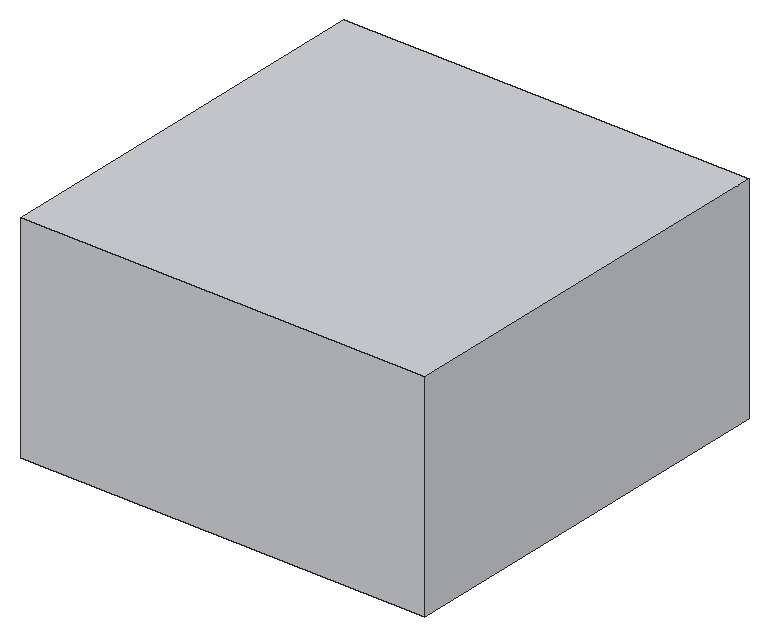
Revit family "c8475af77cc04a12811878c81772295e", category Data Devices, Revit 2021
Family settings
  Maintain Annotation Orientation = Yes
  Round Connector Dimension = Use Diameter
  Part Type = Normal
  OmniClass Number = 23.85.50.17.11
  OmniClass Title = Computer Network Equipment
  Seek Item ID = Junction Boxes - Data-0000-USA-ENU
  Work Plane-Based = No
  Always vertical = Yes
  Cut with Voids When Loaded = No
  Shared = No
  Room Calculation Point = No
Parameters (values of type "4" Square")
  Width = 0' - 4"
  Height = 0' - 4"
  Depth = 0' - 2 1/8"
  Default Elevation = 0' - 0"
Reference planes (in)
  plane 1 "Center (Front/Back)": y = 0
  plane 2: z = 0
  plane 3 "Center (Left/Right)": x = 0
  plane 4 "Back": y = 2
  plane 5 "Front": y = -2
  plane 6 "Left": x = -2
  plane 7 "Right": x = 2
  plane 8 "Top": z = 2.125
Forms (in)
  Extrusion 1, solid
    sketch origin (0, 0, 0) x (1, 0, 0) y (0, 1, 0)
      loop
        line (-2, 2) -> (-2, -2) -> (2, -2) -> (2, 2) -> (-2, 2)
    from 0 to 2.125
Lines and regions (in)
  model lines, detail levels fine
    curve 1: line (-2, 2, 0) -> (2, 2, 0)
    curve 2: line (-2, -2, 0) -> (-2, 2, 0)
    curve 3: line (2, -2, 0) -> (-2, -2, 0)
    curve 4: line (2, 2, 0) -> (2, -2, 0)
Dimensions and locks (in)
  equal spacing: plane 6 "Left", plane 3 "Center (Left/Right)", plane 7 "Right"
  "Height": plane 6 "Left" to plane 7 "Right"
  equal spacing: plane 5 "Front", plane 1 "Center (Front/Back)", plane 4 "Back"
  "Width": plane 5 "Front" to plane 4 "Back"
  "Depth": plane 8 "Top" to plane 2
  aligned and locked: plane 6 "Left" to Extrusion 1 sketch curve
  aligned and locked: plane 4 "Back" to Extrusion 1 sketch curve
  aligned and locked: plane 5 "Front" to Extrusion 1 sketch curve
  aligned and locked: Extrusion 1 sketch curve to plane 7 "Right"
  aligned and locked: plane 8 "Top" to Extrusion 1
  aligned and locked: curve 1 to Extrusion 1  (x2)
  aligned and locked: Extrusion 1 to curve 4
  aligned and locked: curve 4 to Extrusion 1
  aligned and locked: plane 3 "Center (Left/Right)" to nested 1
  aligned and locked: plane 1 "Center (Front/Back)" to nested 1
Nested families (in)
  nested 1: "Junction Boxes Annotation" at (0, 0, 0), type "Junction Boxes Annotation", detail levels coarse+medium
Connectors (in)
  electrical at (0, 0, 2.125)
    settings: on Extrusion 1, index 1, voltage 0 V, apparent load 0 VA, apparent load phase1 0 VA, apparent load phase2 0 VA, apparent load phase3 0 VA, power factor 1, load classification "Other", number of poles 1, system type 5, power factor state 1, is connector primary yes, connector utility no, sub classification motor no, connector description ""
Definition of nested family "Junction Boxes Annotation"
  Reference planes (in)
    plane 1: y = 0
    plane 2: x = 0
  Lines and regions (in)
    detail lines
      curve 1: circle (0, 0, 0) r 0.09375 normal (0, 0, 1)
  Text (in)
    text "J" at (0.00068, 0.06968, 0)
  Dimensions and locks (in)
    aligned and locked: plane 1 to curve 1
    aligned and locked: plane 2 to curve 1
